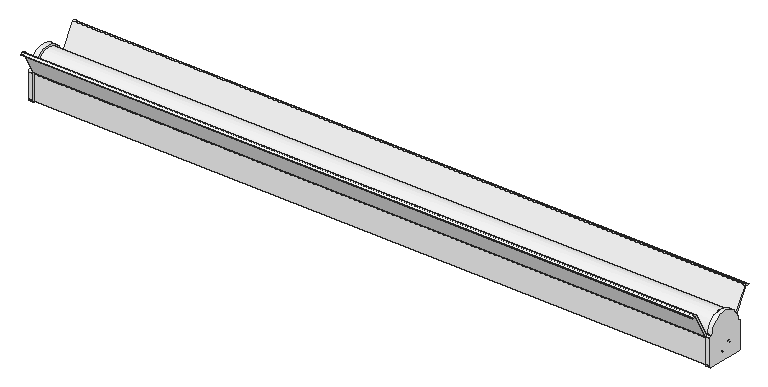
Revit family "0045172+0045233 Feilo Sylvania Lighting Fixture SYLBATTEN LED3 NW TP3 with SYMMETRIC REFLECTOR ACCESSORY 1200MM", category Lighting Fixtures, host Face, Revit 2017
Family settings
  Host = Face
  Round Connector Dimension = Use Diameter
  Part Type = Normal
  OmniClass Number = 23.80.70.00
  OmniClass Title = Lighting
  Cut with Voids When Loaded = No
  Light Source = Yes
  Shared = No
  Room Calculation Point = No
Parameters (values of type "0045172 SYLBATTEN LED3 NW TP3")
  Width_FEILO = 66 mm
  Weight = "2.546 kg"
  Wattage Comments = "n/a"
  Wattage = 26 W
  WarrantyStartDate [instance] = "n/a"
  WarrantyGuarantorParts = "n/a"
  WarrantyDurationUnit = "n/a"
  WarrantyDurationParts = "n/a"
  WarrantyDescription = "n/a"
  built-in parameter 1150110 = 1 (stored number, unit not read)
  Voltage = 230 V
  URL = "http://www.sylvania-lighting.com"
  TypeName = "SYLBATTEN LED3 NW TP3"
  Type Image = <None>
  Type Comments = "n/a"
  built-in parameter 1114217 = 1 (stored number, unit not read)
  Tilt Angle = -90.00°
  built-in parameter 1150109 = 1 (stored number, unit not read)
  built-in parameter 1150134 = 12
  SymReflector_FEILO = yes
  built-in parameter 1150113 = 1 (stored number, unit not read)
  SerialNumber [instance] = "n/a"
  PowerFactor = 0
  PowerConsumption = "26 W"
  Photometric Web File = "0045172+0045233.ies"
  NominalLength = 1205 mm
  NominalHeight = 91 mm
  NominalDepth = 122 mm
  Name = "SYLBATTEN LED3 NW TP3"
  ModelReference = Name  # "SYLBATTEN LED3 NW TP3"
  ModelNumber = "0045172"
  Model = Name  # "SYLBATTEN LED3 NW TP3"
  Material_4_FEILO = Reflector-Sylvania-Sylbatten-White
  Material_3_FEILO = Diffuser-Sylvania-Sylbatten-Glow
  Material_2_FEILO = Body-Sylvania-Sylbatten-White
  Material_1_FEILO = Body-Sylvania-Sylbatten-White
  Material = "sheet steel housing, polycarbonate diffuser"
  ManufacturerName = "Feilo Sylvania"
  Manufacturer = "Feilo Sylvania"
  LuminousEfficacy = "108.1 lm/W"
  built-in parameter 1150105 = 223.76 (stored number, unit not read)
  Lumens = 2811.9 lm
  LuminaireType = ""
  built-in parameter 1150115 = 1 (stored number, unit not read)
  LightOutputRatio = "100"
  built-in parameter 1150137 = (empty or 0)
  built-in parameter 1150139 = (empty or 0)
  Length_FEILO = 1205 mm
  LampsType = Lamp  # "LED"
  LampNominalLuminous = "2812 lm"
  LampMacAdamStep = "n/a"
  LampColourTemperature = "4000 K"
  LampColourRenderingIndex = "80"
  built-in parameter 1150112 = 1 (stored number, unit not read)
  built-in parameter 1150114 = 1 (stored number, unit not read)
  Lamp = "LED"
  Keynote = "16500"
  InstallationDate [instance] = "n/a"
  InputVoltage = "220-240V~"
  InputNominalFrequency = "n/a"
  built-in parameter 1150132 = (empty or 0)
  built-in parameter 1150102 = (empty or 0)
  built-in parameter 1150107 = 4000 (stored number, unit not read)
  built-in parameter 1150138 = (empty or 0)
  IngressProtection = "IP20"
  ImpactProtectionIndex = "IK07"
  built-in parameter 1150106 = 2.2376 (stored number, unit not read)
  IfcExportType = "IfcLightFixtureType"
  IfcExportAs = "IfcLightFixtureType"
  Height_FEILO = 76 mm
  ExpectedLife = 50000
  Emit from Rectangle Width = Length_FEILO - 16 mm  # 1189 mm
  Emit from Rectangle Length = Width_FEILO - 40 mm  # 26 mm
  Emit Shape Visible in Rendering = no
  ElectricShockClassification = "Class I"
  built-in parameter 1150104 = 10.047 (stored number, unit not read)
  DurationUnit = "hours"
  DocumentationLiterature = "http://www.sylvania-lighting.com/product/en-int/products/0045172"
  DimmingControlOptions = "n/a"
  Dimming Lamp Color Temperature Shift = <None>
  Description = "LED batten, T8 replacement, ease of installation through 2 part push-in design of the housing (safety cable included), through wiring capability (TP3 = 3 core), sheet steel, 2812LM, 26W, 108lm/W, 4000K, drive current: 350mA, CRI 80, 138° wide beam angle, electronic driver (non dimmable), IP20, IK07, 50,000 hrs (L70), (LxWxH) 1205x66x76mm, 5 step MacAdam ellipse, 3kg, white RAL9016, Class 1, 220-240V, energy class: A++, A+, A."
  Default Elevation = 1219.2 mm
  CreatedOn = "1/25/2018"
  CreatedBy = ""
  Cost = 0
  Color Filter = 16777215
  built-in parameter 1114216 [instance] = (empty or 0)
  ClassificationValue = "EF_70_80"
  ClassificationName = "Uniclass2015"
  CapOffset_FEILO = 2 mm
  BarCode [instance] = "n/a"
  built-in parameter 1114218 = 1 (stored number, unit not read)
  BackReflector_FEILO = and(not(AsymReflector_FEILO), SymReflector_FEILO)  # yes
  built-in parameter 1150133 = 10 (stored number, unit not read)
  FrontReflector_FEILO = or(AsymReflector_FEILO, SymReflector_FEILO)  # yes
  AsymReflector_FEILO = no
  AssetType = "Fixed"
  AssetIdentifier [instance] = "n/a"
  Assembly Code = "D5020200"
  Apparent Load = 26 VA
Reference planes
  plane 1 "Center (Front/Back)": y = 0
  plane 2: z = 0
  plane 3 "Center (Left/Right)": x = 0
  plane 4: x = 602.5
  plane 5: x = -602.5
  plane 6: y = 33
  plane 7: y = -33
  plane 8: z = 76
  plane 9: z = 47
  plane 10: y = -29
  plane 11: y = 29
  plane 12: z = 20
  plane 13: z = 74
  plane 14: y = -31
  plane 15: y = -27
  plane 16: y = 27
  plane 17: y = 31
  plane 18: z = 2
  plane 19: x = -594.5
  plane 20: x = 594.5
  plane 21: z = 49
  plane 22: y = 1
  plane 23: y = -1
  plane 24: z = 21
  plane 25: z = 19
  plane 26: y = -61
  plane 27: y = 61
  plane 28: y = -56
  plane 29: y = 56
  plane 30: z = 91
  plane 31: z = 88
Forms (mm)
  Extrusion 1, solid, material "Body-Sylvania-Sylbatten-White" <- "Material_2_FEILO"
    sketch origin (0, 0, 0) x (0, 1, 0) y (0, 0, 1)
      loop
        line (-31, 2) -> (31, 2) -> (31, 45)
        arc (31, 45) -> (30.414, 46.414) -> (29, 47) r 2
        line (29, 47) -> (27, 47)
        arc (27, 47) -> (0, 74) -> (-27, 47) r 27
        line (-27, 47) -> (-29, 47)
        arc (-29, 47) -> (-30.414, 46.414) -> (-31, 45) r 2
        line (-31, 45) -> (-31, 2)
    from -594.5 to 594.5
  Extrusion 2, solid, material "Body-Sylvania-Sylbatten-White" <- "Material_2_FEILO"
    sketch origin (602.5, 1524, 1219.2) x (0, 1, 0) y (0, 0, 1)
      loop
        arc (-1494, -1219.2) -> (-1491.879, -1218.321) -> (-1491, -1216.2) r 3
        line (-1491, -1216.2) -> (-1491, -1173.2)
        arc (-1491, -1173.2) -> (-1491.879, -1171.079) -> (-1494, -1170.2) r 3
        line (-1494, -1170.2) -> (-1495.069, -1170.2)
        arc (-1495.069, -1170.2) -> (-1524, -1143.2) -> (-1552.931, -1170.2) r 29
        line (-1552.931, -1170.2) -> (-1554, -1170.2)
        arc (-1554, -1170.2) -> (-1556.121, -1171.079) -> (-1557, -1173.2) r 3
        line (-1557, -1173.2) -> (-1557, -1216.2)
        arc (-1557, -1216.2) -> (-1556.121, -1218.321) -> (-1554, -1219.2) r 3
        line (-1554, -1219.2) -> (-1494, -1219.2)
      loop
        arc (-1525, -1189.25) -> (-1531.071, -1192.129) -> (-1533.95, -1198.2) r 10
        line (-1533.95, -1198.2) -> (-1532.944, -1198.2)
        arc (-1532.944, -1198.2) -> (-1530.364, -1192.836) -> (-1525, -1190.256) r 9
        line (-1525, -1190.256) -> (-1525, -1189.25)
      loop
        arc (-1523, -1190.256) -> (-1517.636, -1192.836) -> (-1515.056, -1198.2) r 9
        line (-1515.056, -1198.2) -> (-1514.05, -1198.2)
        arc (-1514.05, -1198.2) -> (-1516.929, -1192.129) -> (-1523, -1189.25) r 10
        line (-1523, -1189.25) -> (-1523, -1190.256)
      loop
        line (-1532.944, -1200.2) -> (-1533.95, -1200.2)
        arc (-1533.95, -1200.2) -> (-1531.071, -1206.271) -> (-1525, -1209.15) r 10
        line (-1525, -1209.15) -> (-1525, -1208.144)
        arc (-1525, -1208.144) -> (-1530.364, -1205.564) -> (-1532.944, -1200.2) r 9
      loop
        arc (-1515.056, -1200.2) -> (-1517.636, -1205.564) -> (-1523, -1208.144) r 9
        line (-1523, -1208.144) -> (-1523, -1209.15)
        arc (-1523, -1209.15) -> (-1516.929, -1206.271) -> (-1514.05, -1200.2) r 10
        line (-1514.05, -1200.2) -> (-1515.056, -1200.2)
    from 0 to -8
  Extrusion 3, solid, material "Body-Sylvania-Sylbatten-White" <- "Material_2_FEILO"
    sketch origin (-602.5, 1524, 1219.2) x (0, 1, 0) y (0, 0, 1)
      loop
        arc (-1495.069, -1170.2) -> (-1524, -1143.2) -> (-1552.931, -1170.2) r 29
        line (-1552.931, -1170.2) -> (-1554, -1170.2)
        arc (-1554, -1170.2) -> (-1556.121, -1171.079) -> (-1557, -1173.2) r 3
        line (-1557, -1173.2) -> (-1557, -1216.2)
        arc (-1557, -1216.2) -> (-1556.121, -1218.321) -> (-1554, -1219.2) r 3
        line (-1554, -1219.2) -> (-1494, -1219.2)
        arc (-1494, -1219.2) -> (-1491.879, -1218.321) -> (-1491, -1216.2) r 3
        line (-1491, -1216.2) -> (-1491, -1173.2)
        arc (-1491, -1173.2) -> (-1491.879, -1171.079) -> (-1494, -1170.2) r 3
        line (-1494, -1170.2) -> (-1495.069, -1170.2)
      loop
        line (-1533.95, -1198.2) -> (-1532.944, -1198.2)
        arc (-1532.944, -1198.2) -> (-1530.364, -1192.836) -> (-1525, -1190.256) r 9
        line (-1525, -1190.256) -> (-1525, -1189.25)
        arc (-1525, -1189.25) -> (-1531.071, -1192.129) -> (-1533.95, -1198.2) r 10
      loop
        line (-1523, -1189.25) -> (-1523, -1190.256)
        arc (-1523, -1190.256) -> (-1517.636, -1192.836) -> (-1515.056, -1198.2) r 9
        line (-1515.056, -1198.2) -> (-1514.05, -1198.2)
        arc (-1514.05, -1198.2) -> (-1516.929, -1192.129) -> (-1523, -1189.25) r 10
      loop
        line (-1514.05, -1200.2) -> (-1515.056, -1200.2)
        arc (-1515.056, -1200.2) -> (-1517.636, -1205.564) -> (-1523, -1208.144) r 9
        line (-1523, -1208.144) -> (-1523, -1209.15)
        arc (-1523, -1209.15) -> (-1516.929, -1206.271) -> (-1514.05, -1200.2) r 10
      loop
        line (-1525, -1209.15) -> (-1525, -1208.144)
        arc (-1525, -1208.144) -> (-1530.364, -1205.564) -> (-1532.944, -1200.2) r 9
        line (-1532.944, -1200.2) -> (-1533.95, -1200.2)
        arc (-1533.95, -1200.2) -> (-1531.071, -1206.271) -> (-1525, -1209.15) r 10
    from 0 to 8
  Extrusion 4, solid, material "Reflector-Sylvania-Sylbatten-White" <- "Material_4_FEILO", visible <- "FrontReflector_FEILO"
    sketch origin (0, 0, 0) x (0, 1, 0) y (0, 0, 1)
      loop
        line (-61.257, 88.429) -> (-60.743, 87.571) -> (-56.621, 90.044)
        arc (-56.621, 90.044) -> (-56.237, 90.099) -> (-55.929, 89.863) r 0.5
        line (-55.929, 89.863) -> (-31.435, 46.753) -> (-30.565, 47.247) -> (-55.312, 90.802)
        arc (-55.312, 90.802) -> (-55.928, 91.275) -> (-56.696, 91.165) r 1
        line (-56.696, 91.165) -> (-61.257, 88.429)
    from -594.5 to 594.5
  Extrusion 5, solid, material "Reflector-Sylvania-Sylbatten-White" <- "Material_4_FEILO", visible <- "BackReflector_FEILO"
    sketch origin (0, 0, 0) x (0, 1, 0) y (0, 0, 1)
      loop
        line (30.565, 47.247) -> (31.435, 46.753) -> (55.932, 89.868)
        arc (55.932, 89.868) -> (56.245, 90.112) -> (56.638, 90.062) r 0.518
        line (56.638, 90.062) -> (61.033, 87.565) -> (61.527, 88.435) -> (56.682, 91.188)
        arc (56.682, 91.188) -> (55.922, 91.282) -> (55.318, 90.812) r 1
        line (55.318, 90.812) -> (30.565, 47.247)
    from -594.5 to 594.5
Lines and regions (mm)
  reference lines
    curve 1: line (0, -61, 88) -> (0, -56, 91)
    curve 2: line (0, -56, 91) -> (0, -31, 47)
    curve 3: line (0, 31, 47) -> (0, 56, 91)
    curve 4: line (0, 56, 91) -> (0, 61.28, 88)
Dimensions and locks
  equal spacing: plane 5, plane 3 "Center (Left/Right)", plane 4
  equal spacing: plane 7, plane 1 "Center (Front/Back)", plane 6
  "Width_FEILO": plane 7 to plane 6
  "Length_FEILO": plane 5 to plane 4
  "Height_FEILO": plane 8 to plane 2
  locked: plane 9 to plane 8 at 29
  equal spacing: plane 10, plane 1 "Center (Front/Back)", plane 11
  locked: plane 7 to plane 10 at 4
  locked: plane 12 to plane 2 at 20
  "CapOffset_FEILO": plane 13 to plane 8
  "CapOffset_FEILO": plane 7 to plane 14
  "CapOffset_FEILO": plane 10 to plane 15
  "CapOffset_FEILO": plane 17 to plane 6
  "CapOffset_FEILO": plane 16 to plane 11
  "CapOffset_FEILO": plane 18 to plane 2
  locked: plane 14 to Extrusion 1 sketch curve at 2
  locked: Extrusion 1 sketch curve to plane 9 at 2  (x2)
  locked: plane 16 to Extrusion 1 sketch curve at 2
  equal spacing: plane 19, plane 3 "Center (Left/Right)", plane 20
  locked: plane 5 to plane 19 at 8
  "CapOffset_FEILO": plane 9 to plane 21
  locked: Extrusion 2 sketch curve to plane 2 at 47
  locked: Extrusion 1 sketch curve to plane 2 at 47
  locked: Extrusion 2 sketch curve to plane 2 at 3  (x2)
  locked: plane 7 to Extrusion 2 sketch curve at 3  (x2)
  locked: Extrusion 2 sketch curve to plane 6 at 3  (x2)
  locked: Extrusion 2 sketch curve to plane 21 at 3  (x2)
  equal spacing: plane 23, plane 1 "Center (Front/Back)", plane 22
  equal spacing: plane 25, plane 12, plane 24
  plane 30 to plane 31 to plane 2 = 3 mm locked, 88 mm locked
  plane 28 to plane 29 = 112 mm
  plane 26 to plane 27 = 122 mm
  aligned and locked: plane 2 to host face
  aligned and locked: level to host face
  aligned and locked: plane 18 to Extrusion 1 sketch curve
  aligned and locked: plane 14 to Extrusion 1 sketch curve
  aligned and locked: Extrusion 1 sketch curve to plane 9  (x2)
  aligned and locked: Extrusion 1 sketch curve to plane 17
  aligned and locked: plane 15 to Extrusion 1 sketch curve
  aligned and locked: plane 16 to Extrusion 1 sketch curve
  aligned and locked: plane 9 to Extrusion 1 sketch curve
  aligned and locked: plane 20 to Extrusion 1
  aligned and locked: level to Extrusion 2 sketch curve
  aligned and locked: Extrusion 2 sketch curve to plane 7
  aligned and locked: plane 21 to Extrusion 2 sketch curve
  aligned and locked: Extrusion 2 sketch curve to plane 21
  aligned and locked: plane 1 "Center (Front/Back)" to Extrusion 2 sketch curve  (x3)
  aligned and locked: Extrusion 2 to Extrusion 1
  aligned and locked: plane 4 to Extrusion 2
  aligned and locked: plane 12 to Extrusion 2 sketch curve  (x2)
  aligned and locked: Extrusion 2 sketch curve to plane 22
  aligned and locked: Extrusion 2 sketch curve to plane 23
  aligned and locked: Extrusion 2 sketch curve to plane 24
  aligned and locked: Extrusion 2 sketch curve to plane 25
  aligned and locked: plane 25 to Extrusion 2 sketch curve
  aligned and locked: plane 22 to Extrusion 2 sketch curve
  aligned and locked: plane 24 to Extrusion 2 sketch curve
  aligned and locked: plane 23 to Extrusion 2 sketch curve  (x2)
  aligned and locked: Extrusion 3 sketch curve to Extrusion 2  (x22)
  aligned and locked: Extrusion 3 to Extrusion 1
  aligned and locked: Extrusion 3 to plane 5
  aligned and locked: plane 19 to Extrusion 3
  aligned and locked: plane 31 to curve 1
  aligned and locked: plane 30 to curve 1
  aligned and locked: plane 14 to curve 2
  aligned and locked: plane 9 to curve 2
  aligned and locked: plane 17 to curve 3
  aligned and locked: plane 30 to curve 3
  aligned and locked: plane 31 to curve 4
  aligned and locked: Extrusion 4 sketch curve to curve 2
  aligned and locked: Extrusion 4 sketch curve to curve 1
  aligned and locked: Extrusion 4 to Extrusion 1
  aligned and locked: Extrusion 1 to Extrusion 4
  aligned and locked: imposter light to plane 1 "Center (Front/Back)"
  aligned and locked: imposter light to plane 3 "Center (Left/Right)"
  aligned and locked: imposter light to plane 13
  aligned and locked: Extrusion 5 sketch curve to curve 4
  aligned and locked: Extrusion 5 sketch curve to curve 3
  aligned and locked: Extrusion 1 to Extrusion 5
  aligned and locked: Extrusion 5 to Extrusion 1
Automatic sketch dimensions
  host sketch curve to host sketch curve = 2438.4 mm  (x2)
  Extrusion 2 sketch curve to Extrusion 2 sketch curve = 0 mm  (x14)
  Extrusion 2 sketch curve to plane 10 = 0.069 mm
  plane 23 to Extrusion 2 sketch curve = 8.95 mm
  Extrusion 2 sketch curve to Extrusion 2 sketch curve = 1.006 mm  (x4)
  Extrusion 2 sketch curve to plane 22 = 7.944 mm
  curve 1 to plane 26 = 0 mm
  curve 2 to plane 28 = 0 mm
  curve 4 to plane 29 = 0 mm
  plane 9 to curve 3 = 0 mm
  plane 26 to Extrusion 4 sketch curve = 0.257 mm
  Extrusion 4 sketch curve to plane 26 = 0.257 mm
  Extrusion 4 sketch curve to plane 30 = 0.165 mm
  plane 28 to Extrusion 4 sketch curve = 0.696 mm
  plane 28 to Extrusion 4 sketch curve = 0.621 mm
  plane 28 to Extrusion 4 sketch curve = 0.364 mm
  plane 28 to Extrusion 4 sketch curve = 0.182 mm
  Extrusion 4 sketch curve to plane 28 = 0.071 mm
  plane 30 to Extrusion 4 sketch curve = 0.198 mm
  Extrusion 4 sketch curve to plane 28 = 0.688 mm
  plane 9 to Extrusion 4 sketch curve = 0.247 mm
  plane 1 "Center (Front/Back)" to Extrusion 4 sketch curve = 31.435 mm
  Extrusion 5 sketch curve to plane 9 = 0.247 mm
  Extrusion 5 sketch curve to plane 1 "Center (Front/Back)" = 30.565 mm
  plane 9 to Extrusion 5 sketch curve = 0.247 mm
  plane 30 to Extrusion 5 sketch curve = 0.188 mm
  plane 29 to Extrusion 5 sketch curve = 0.068 mm
  Extrusion 5 sketch curve to plane 29 = 0.188 mm
  Extrusion 5 sketch curve to plane 29 = 0.382 mm
  Extrusion 5 sketch curve to Extrusion 5 sketch curve = 0.256 mm
  Extrusion 5 sketch curve to plane 30 = 0.188 mm
  Extrusion 5 sketch curve to plane 29 = 0.682 mm
  Extrusion 5 sketch curve to plane 27 = 0.033 mm
  Extrusion 5 sketch curve to plane 27 = 0.527 mm
Connectors
  electrical at (0, 0, 0), driven by "Apparent Load", driven by "PowerFactor", driven by "Voltage"
    settings: index 1, voltage 230 V, apparent load 26 VA, apparent load phase1 0 VA, apparent load phase2 0 VA, apparent load phase3 0 VA, power factor 0, load classification "Lighting", number of poles 1, system type 30, power factor state 1, is connector primary yes, connector utility no, sub classification motor no, connector description ""
